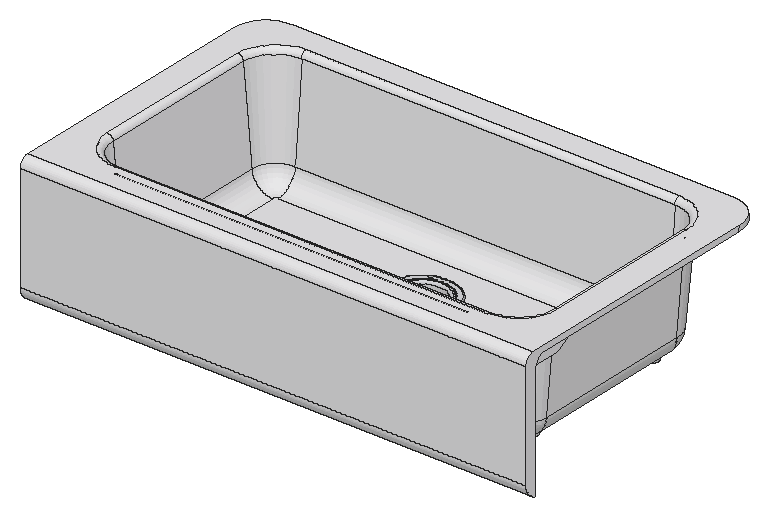
Revit family "Sink-Undermount-Kitchen-KOHLER-DICKINSON-K-6546", category Plumbing Fixtures, host Face, Revit 2017
Family settings
  Host = Face
  Round Connector Dimension = Use Diameter
  Part Type = Normal
  OmniClass Number = 23.31.13.00
  OmniClass Title = Sinks
  Cut with Voids When Loaded = No
  Shared = No
  Room Calculation Point = No
Parameters (values of type "0-White")
  Width = 33 5/256"  # constant formula
  WaterSense Certified = 1 = 0  # no
  Waste Water Outlet = "Waste Water Outlet"  # constant formula
  Waste Connection = 1 = 1  # yes
  Vent Connection = 1 = 0  # no
  URL = "https://www.us.kohler.com/us/"
  Type = 1
  Product Page URL = ""
  Product Name = "DICKINSON\r\n"  # constant formula
  Product Documentation Link = ""
  Model = if(Type = 1, "K-6546-0", if(Type = 2, "K-6546-7", if(Type = 3, "K-6546-96", "NA")))  # "K-6546-0"
  Material = "Enameled Cast Iron"  # constant formula
  Master Format 2014 Name = "Residential Lavatories and Sinks"  # constant formula
  MasterFormat 2014 = "22 41 16"  # constant formula
  Manufacturer Address = "444 Highland Dr, Kohler, WI 53044"  # constant formula
  Manufacturer = "KOHLER Co."  # constant formula
  Length = 19 145/256"  # constant formula
  Hot Water Inlet = "Hot Water Inlet"  # constant formula
  Height = 8 125/256"  # constant formula
  HW Connection = 1 = 0  # no
  Finish = KOHLER-Enameled_Cast_Iron-0-White
  Environmental Product Declaration = ""
  Drain Included = 1 = 0  # no
  Description = "Under Counter Apron Sink"  # constant formula
  Default Elevation = 36"
  Declare Label = ""
  Date Modified = "12/02/2020"  # constant formula
  Date Created = "12/02/2020"  # constant formula
  Copyright = "Copyright KOHLER Co."  # constant formula
  Contact Us = "https://www.us.kohler.com/us/static/contact.jsp"
  Cold Water Inlet = "Cold Water Inlet"  # constant formula
  CW Connection = 1 = 0  # no
  Assembly Code = "D2010400"
  ADA Compliant = 1 = 0  # no
Types (4): name | Type | Model | Finish
  (no name) | 1 | "K-6546-0" | KOHLER-Enameled_Cast_Iron-0-White
  0-White | 1 | "K-6546-0" | KOHLER-Enameled_Cast_Iron-0-White
  7-Black Black | 2 | "K-6546-7" | KOHLER-Enameled_Cast_Iron-7-Black_Black
  96-Biscuit | 3 | "K-6546-96" | KOHLER-Enameled_Cast_Iron-96-Biscuit
Reference planes (in)
  plane 1 "A": y = 0
  plane 2: z = 0
  plane 3 "Center (Left/Right)": x = 0
  plane 4: z = -1
  plane 5: z = -11.975
  plane 6: x = -16.51
  plane 7: x = 16.50953
  plane 8: y = 17.31721
  plane 9: y = -2.24919
  plane 10: z = -9.48828
  plane 11: z = -9.66142
  plane 12: y = 9.85234
  plane 13: y = 3.66699
  plane 14 "Center (Front/Back)": y = 7.53401
  plane 15: y = 13.57706
Forms (in)
  Extrusion 1, void
    sketch origin (0, 0, 0) x (1, 0, 0) y (0, 1, 0)
      loop
        arc (-14.45922, 17.31721) -> (-15.90934, 16.71655) -> (-16.51, 15.26643) r 2.05078
        line (-16.51, 15.26643) -> (-16.51, -0.51796) -> (16.51, -0.51796) -> (16.51, 15.26718)
        arc (16.51, 15.26718) -> (15.90956, 16.71677) -> (14.45997, 17.31721) r 2.05003
        line (14.45997, 17.31721) -> (-14.45922, 17.31721)
    from -11.975 to -1
  Extrusion 2, void
    sketch origin (0, 0, 0) x (1, 0, 0) y (0, 1, 0)
      loop
        arc (-13.8035, 16.05757) -> (-14.68739, 15.69145) -> (-15.0535, 14.80757) r 1.25
        line (-15.0535, 14.80757) -> (-15.0535, -0.62472)
        arc (-15.0535, -0.62472) -> (-15.56607, -1.86215) -> (-16.8035, -2.37472) r 1.75
        line (-16.8035, -2.37472) -> (-12.1815, -2.37472) -> (16.8035, -2.37472)
        arc (16.8035, -2.37472) -> (15.56607, -1.86215) -> (15.0535, -0.62472) r 1.75
        line (15.0535, -0.62472) -> (15.0535, 14.80757)
        arc (15.0535, 14.80757) -> (14.68739, 15.69145) -> (13.8035, 16.05757) r 1.25
        line (13.8035, 16.05757) -> (-13.8035, 16.05757)
    from -1 to 0
  Extrusion 3, void
    sketch origin (0, 0, 0) x (1, 0, 0) y (0, 0, 1)
      loop
        line (-16.51, -1) -> (-16.51, -9.48891) -> (16.51, -9.48891) -> (16.51, -1) -> (-16.51, -1)
    from 0 to 4.19421
Dimensions and locks (in)
  level to plane 4 = 1"
  plane 4 to plane 5 = 10.975"
  "Height": plane 4 to plane 10
  locked: plane 4 to plane 11 at 8.66142
  locked: plane 4 to plane 5 at 10.975
  equal spacing: plane 9, plane 14 "Center (Front/Back)", plane 8
  plane 9 to plane 8 = 19 145/256"
  locked: plane 8 to plane 12 at 7.46487
  locked: plane 3 "Center (Left/Right)" to plane 7 at 16.50953
  "Width": plane 6 to plane 7
  "Length": plane 8 to plane 9
  aligned and locked: host face to plane 2
  aligned and locked: level to host face
Automatic sketch dimensions
  host sketch curve to host sketch curve = 96"
  host sketch curve to host sketch curve = 50 1/4"
  plane 1 "A" to Extrusion 1 sketch curve = 0.51796"
  Extrusion 1 sketch curve to plane 3 "Center (Left/Right)" = 16.51"
  Extrusion 1 sketch curve to Extrusion 1 sketch curve = 2 13/256"
  plane 3 "Center (Left/Right)" to Extrusion 1 sketch curve = 14.45997"
  plane 3 "Center (Left/Right)" to Extrusion 1 sketch curve = 16.51"
  Extrusion 1 sketch curve to plane 1 "A" = 15.26643"
  plane 1 "A" to Extrusion 2 sketch curve = 0.62472"
  Extrusion 2 sketch curve to plane 3 "Center (Left/Right)" = 15.0535"
  Extrusion 2 sketch curve to Extrusion 2 sketch curve = 1 1/4"  (x2)
  plane 3 "Center (Left/Right)" to Extrusion 2 sketch curve = 13.8035"
  Extrusion 2 sketch curve to Extrusion 2 sketch curve = 1 3/4"
  plane 1 "A" to Extrusion 2 sketch curve = 2.37472"
  Extrusion 2 sketch curve to plane 1 "A" = 14.80757"
  Extrusion 2 sketch curve to Extrusion 2 sketch curve = 2.872"
  Extrusion 3 sketch curve to plane 3 "Center (Left/Right)" = 16.51"
  plane 3 "Center (Left/Right)" to Extrusion 3 sketch curve = 16.51"
  Extrusion 3 sketch curve to plane 4 = 0"
  plane 5 to Extrusion 3 sketch curve = 2.48609"
Nested families (in)
  nested 1: "K-6546" at (0, 9.85234, -11.975), type "K-6546"
Connectors (in)
  piping at (0, 9.85234, -11.975), diameter 1.5, driven by "Waste Connection", driven by "Waste Water Outlet"
    settings: on nested 1, index 1, connector inside diameter 24", connector length 0", flow factor 0, pipe flow 0 GPM, pressure drop 0.00 psi, fitting loss kfactor 0, connector angle 0.00°, fixture units 0, engagement length 0", angle of deflection 0.00°, flow configuration 0, flow direction 2, fitting loss method 0, system type 16, joint type 0, gender type 0, connector reference index -1, connector utility 1, adjustable connector no, is connector primary yes, connector description "Waste Water Outlet"
Definition of nested family "K-6546"
  Parameters (values of type "K-28668")
    Material = none
  Reference planes (in)
    plane 1 "Center (Front/Back)": y = 0
    plane 2: z = 0
    plane 3 "Center (Left/Right)": x = 0
    plane 4: y = 7.46487
    plane 5: x = 16.51
    plane 6: x = -16.51
    plane 7: y = -12.10206
    plane 8: z = 10.975
    plane 9: z = 2.48609
    plane 10: z = 2.31358
    plane 11: z = 10.655
    plane 12: y = -11.37841
    plane 13 "A": x = -12.1815
    plane 14: y = -2.31859
    plane 15: y = 3.72472
    plane 16: y = -6.18535
    plane 17: x = 12.1815
  Forms (in)
    Sweep 1, solid, material <- "Material", detail levels medium+fine
      path origin (0, 0, 0) x (1, 0, 0) y (0, 1, 0)
        loop
          line (14.34465, 7.46487) -> (-14.34465, 7.46487)
          arc (-14.34465, 7.46487) -> (-15.87578, 6.83066) -> (-16.51, 5.29952) r 2.16535
          line (-16.51, 5.29952) -> (-16.51, -11.5115) -> (16.51, -11.5115) -> (16.51, 5.29952)
          arc (16.51, 5.29952) -> (15.87578, 6.83066) -> (14.34465, 7.46487) r 2.16535
      profile origin (0, 7.46487, 0) x (0, -1, 0) y (0, 0, 1)
        loop
          line (1.03827, 10.975) -> (0, 10.975) -> (0, 10.655) -> (1.03827, 10.655) -> (1.03827, 10.975)
    Sweep 2, solid, material <- "Material", detail levels medium+fine
      path origin (0, 0, 0) x (1, 0, 0) y (0, 1, 0)
        loop
          line (16.51, -11.5115) -> (-16.51, -11.5115)
      profile origin (0, -11.5115, 0) x (0, -1, 0) y (0, 0, 1)
        loop
          line (0, 10.975) -> (-1.1072, 10.975) -> (-1.1072, 10.655) -> (-0.9205, 10.655)
          arc (-0.9205, 10.655) -> (-0.36372, 10.42438) -> (-0.13309, 9.8676) r 0.7874
          line (-0.13309, 9.8676) -> (-0.13309, 2.48609)
          arc (-0.13309, 2.48609) -> (0.38887, 2.83602) -> (0.59055, 3.43118) r 0.97897
          line (0.59055, 3.43118) -> (0.59055, 10.38445)
          arc (0.59055, 10.38445) -> (0.41758, 10.80203) -> (0, 10.975) r 0.59055
    Sweep 3, solid, material <- "Material", detail levels medium+fine
      path origin (0, 0, 0) x (1, 0, 0) y (0, 1, 0)
        loop
          arc (-12.18433, 6.13133) -> (-14.16089, 5.31261) -> (-14.9796, 3.33605) r 2.79528
          line (-14.9796, 3.33605) -> (-14.9796, -7.28426)
          arc (-14.9796, -7.28426) -> (-14.16089, -9.26082) -> (-12.18433, -10.07953) r 2.79528
          line (-12.18433, -10.07953) -> (12.18433, -10.07953)
          arc (12.18433, -10.07953) -> (14.16089, -9.26082) -> (14.9796, -7.28426) r 2.79528
          line (14.9796, -7.28426) -> (14.9796, 3.33605)
          arc (14.9796, 3.33605) -> (14.16089, 5.31261) -> (12.18433, 6.13133) r 2.79528
          line (12.18433, 6.13133) -> (-12.18433, 6.13133)
      profile origin (0, 6.13133, 0) x (0, 1, 0) y (0, 0, 1)
        loop
          arc (-0.43251, 10.29417) -> (-0.30629, 10.55013) -> (-0.04031, 10.65356) r 0.3937
          line (-0.04031, 10.65356) -> (0.0739, 10.65356) -> (0.0739, 10.975) -> (-0.28883, 10.975)
          arc (-0.28883, 10.975) -> (-0.55481, 10.87157) -> (-0.68103, 10.61561) r 0.3937
          line (-0.68103, 10.61561) -> (-1.21196, 4.54707)
          arc (-1.21196, 4.54707) -> (-1.65374, 3.65123) -> (-2.58467, 3.28921) r 1.37795
          line (-2.58467, 3.28921) -> (-2.64579, 3.28921) -> (-2.64579, 3.01362) -> (-2.50271, 3.01362)
          arc (-2.50271, 3.01362) -> (-1.44602, 3.42455) -> (-0.94456, 4.44141) r 1.56411
          line (-0.94456, 4.44141) -> (-0.43251, 10.29417)
    Extrusion 4, solid, material <- "Material", detail levels medium+fine
      sketch origin (0, 0, 0) x (1, 0, 0) y (0, 1, 0)
        loop
          arc (-14.34465, 6.4266) -> (-15.14161, 6.09649) -> (-15.47173, 5.29952) r 1.12708
          line (-15.47173, 5.29952) -> (-15.47173, -10.4043) -> (15.47173, -10.4043) -> (15.47173, 5.29952)
          arc (15.47173, 5.29952) -> (15.14161, 6.09649) -> (14.34465, 6.4266) r 1.12708
          line (14.34465, 6.4266) -> (-14.34465, 6.4266)
        loop
          arc (-12.18433, 6.20523) -> (-14.21314, 5.36486) -> (-15.0535, 3.33605) r 2.86917
          line (-15.0535, 3.33605) -> (-15.0535, -7.28426)
          arc (-15.0535, -7.28426) -> (-14.21314, -9.31307) -> (-12.18433, -10.15343) r 2.86917
          line (-12.18433, -10.15343) -> (12.18433, -10.15343)
          arc (12.18433, -10.15343) -> (14.21314, -9.31307) -> (15.0535, -7.28426) r 2.86917
          line (15.0535, -7.28426) -> (15.0535, 3.33605)
          arc (15.0535, 3.33605) -> (14.21314, 5.36486) -> (12.18433, 6.20523) r 2.86917
          line (12.18433, 6.20523) -> (-12.18433, 6.20523)
      from 10.65356 to 10.975
    Extrusion 5, solid, material <- "Material", detail levels medium+fine
      sketch origin (0, 0, 0) x (1, 0, 0) y (0, 1, 0)
        loop
          line (-12.33381, 3.33605) -> (-12.33381, -7.28426)
          arc (-12.33381, -7.28426) -> (-12.29003, -7.38996) -> (-12.18433, -7.43374) r 0.14948
          line (-12.18433, -7.43374) -> (12.18433, -7.43374)
          arc (12.18433, -7.43374) -> (12.29003, -7.38996) -> (12.33381, -7.28426) r 0.14948
          line (12.33381, -7.28426) -> (12.33381, 3.33605)
          arc (12.33381, 3.33605) -> (12.29003, 3.44175) -> (12.18433, 3.48554) r 0.14948
          line (12.18433, 3.48554) -> (-12.18433, 3.48554)
          arc (-12.18433, 3.48554) -> (-12.29003, 3.44175) -> (-12.33381, 3.33605) r 0.14948
      from 3.01362 to 3.28921
    Revolve 6, solid, detail levels medium+fine
      sketch origin (6.49606, 0, 11.32505) x (1, 0, 0) y (0, 0, 1)
        loop
          line (-6.75154, -7.83764) -> (-6.64112, -7.83764) -> (-6.64112, -8.58264) -> (-6.73776, -8.58264)
          arc (-6.73776, -8.58264) -> (-6.76562, -8.59418) -> (-6.77716, -8.62204) r 0.0394
          line (-6.77716, -8.62204) -> (-6.77716, -8.77264) -> (-7.89233, -8.77264)
          arc (-7.89233, -8.77264) -> (-7.95797, -8.74645) -> (-7.98756, -8.68227) r 0.09536
          line (-7.98756, -8.68227) -> (-8.0194, -8.07479)
          arc (-8.0194, -8.07479) -> (-8.06782, -7.96975) -> (-8.17526, -7.92689) r 0.15608
          line (-8.17526, -7.92689) -> (-8.24756, -7.92689) -> (-8.24756, -7.95764) -> (-8.17416, -7.95764)
          arc (-8.17416, -7.95764) -> (-8.08811, -7.99197) -> (-8.04933, -8.0761) r 0.12501
          line (-8.04933, -8.0761) -> (-8.01744, -8.68458)
          arc (-8.01744, -8.68458) -> (-7.97879, -8.76842) -> (-7.89303, -8.80264) r 0.12458
          line (-7.89303, -8.80264) -> (-6.49606, -8.80264) -> (-6.49606, -7.68982)
          arc (-6.49606, -7.68982) -> (-6.63339, -7.70011) -> (-6.76765, -7.73076) r 0.9218
          arc (-6.76765, -7.73076) -> (-6.80558, -7.79113) -> (-6.75154, -7.83764) r 0.05465
        axis (-6.49606, -7.68982) -> (-6.49606, -8.80264)
      angle from 0 to 360
    Revolve 7, solid, detail levels medium+fine
      sketch origin (6.49606, 0, 11.32505) x (1, 0, 0) y (0, 0, 1)
        loop
          line (-8.30137, -7.92689) -> (-8.6514, -7.92689)
          arc (-8.6514, -7.92689) -> (-8.69478, -7.96952) -> (-8.65291, -8.01364) r 0.04339
          line (-8.65291, -8.01364) -> (-8.14732, -8.0313)
          arc (-8.14732, -8.0313) -> (-8.11457, -8.04588) -> (-8.10114, -8.07912) r 0.04785
          line (-8.10114, -8.07912) -> (-8.10114, -9.02785)
          arc (-8.10114, -9.02785) -> (-8.06101, -9.12474) -> (-7.96412, -9.16487) r 0.13702
          line (-7.96412, -9.16487) -> (-6.49606, -9.16487) -> (-6.49606, -9.1322) -> (-7.9139, -9.1322)
          arc (-7.9139, -9.1322) -> (-8.03838, -9.08063) -> (-8.08994, -8.95615) r 0.17604
          line (-8.08994, -8.95615) -> (-8.08994, -8.07829)
          arc (-8.08994, -8.07829) -> (-8.12528, -7.99297) -> (-8.2106, -7.95764) r 0.12065
          line (-8.2106, -7.95764) -> (-8.24756, -7.95764) -> (-8.27203, -7.93743)
          arc (-8.27203, -7.93743) -> (-8.28578, -7.9296) -> (-8.30137, -7.92689) r 0.04609
        axis (-6.49606, -9.16487) -> (-6.49606, -7.92689)
      angle from 0 to 360
    Extrusion 8, void
      sketch origin (6.49606, 0, 11.32505) x (1, 0, 0) y (0, 1, 0)
        loop
          circle (-6.49646, 1.28095) r 0.09449
        loop
          circle (-6.2083, 1.2482) r 0.09449
        loop
          circle (-5.93489, 1.15148) r 0.09449
        loop
          circle (-5.69025, 0.99573) r 0.09449
        loop
          circle (-5.48691, 0.78894) r 0.09449
        loop
          circle (-5.3353, 0.54171) r 0.09449
        loop
          circle (-5.24319, 0.26671) r 0.09449
        loop
          circle (-5.21531, -0.02196) r 0.09449
        loop
          circle (-5.25307, -0.3095) r 0.09449
        loop
          circle (-5.35455, -0.58118) r 0.09449
        loop
          circle (-5.51455, -0.82307) r 0.09449
        loop
          circle (-5.72485, -1.02277) r 0.09449
        loop
          circle (-5.97469, -1.17004) r 0.09449
        loop
          circle (-6.25126, -1.25733) r 0.09449
        loop
          circle (-6.54037, -1.28018) r 0.09449
        loop
          circle (-6.82721, -1.2374) r 0.09449
        loop
          circle (-7.05723, 1.15148) r 0.09449
        loop
          circle (-7.30188, 0.99573) r 0.09449
        loop
          circle (-7.50522, 0.78894) r 0.09449
        loop
          circle (-7.65683, 0.54171) r 0.09449
        loop
          circle (-7.74893, 0.26671) r 0.09449
        loop
          circle (-7.77682, -0.02196) r 0.09449
        loop
          circle (-7.73906, -0.3095) r 0.09449
        loop
          circle (-7.63757, -0.58118) r 0.09449
        loop
          circle (-7.47758, -0.82307) r 0.09449
        loop
          circle (-7.26727, -1.02277) r 0.09449
        loop
          circle (-7.01743, -1.17004) r 0.09449
        loop
          circle (-6.78382, 1.2482) r 0.09449
        loop
          circle (-6.49646, 0.95364) r 0.09449
        loop
          circle (-6.20175, 0.90709) r 0.09449
        loop
          circle (-5.93585, 0.77174) r 0.09449
        loop
          circle (-5.72479, 0.56086) r 0.09449
        loop
          circle (-5.58922, 0.29507) r 0.09449
        loop
          circle (-5.54243, 0.0004) r 0.09449
        loop
          circle (-5.58898, -0.29431) r 0.09449
        loop
          circle (-5.72432, -0.56021) r 0.09449
        loop
          circle (-6.79037, 0.90709) r 0.09449
        loop
          circle (-7.05627, 0.77174) r 0.09449
        loop
          circle (-7.26734, 0.56086) r 0.09449
        loop
          circle (-7.4029, 0.29507) r 0.09449
        loop
          circle (-7.4497, 0.0004) r 0.09449
        loop
          circle (-7.40315, -0.29431) r 0.09449
        loop
          circle (-7.26781, -0.56021) r 0.09449
        loop
          circle (-5.93521, -0.77127) r 0.09449
        loop
          circle (-6.20099, -0.90684) r 0.09449
        loop
          circle (-6.49566, -0.95364) r 0.09449
        loop
          circle (-6.79037, -0.90709) r 0.09449
        loop
          circle (-7.05627, -0.77174) r 0.09449
        loop
          circle (-6.49646, 0.62574) r 0.09449
        loop
          circle (-6.18354, 0.5421) r 0.09449
        loop
          circle (-5.95436, 0.31321) r 0.09449
        loop
          circle (-5.87032, 0.0004) r 0.09449
        loop
          circle (-5.95396, -0.31252) r 0.09449
        loop
          circle (-6.18285, -0.54171) r 0.09449
        loop
          circle (-6.49566, -0.62574) r 0.09449
        loop
          circle (-6.80859, -0.5421) r 0.09449
        loop
          circle (-6.80859, 0.5421) r 0.09449
        loop
          circle (-7.03777, 0.31321) r 0.09449
        loop
          circle (-7.1218, 0.0004) r 0.09449
        loop
          circle (-7.03817, -0.31252) r 0.09449
      from -9.15064 to -8.29764
    Revolve 9, void
      sketch origin (0, 0, 0) x (0, 1, 0) y (0, 0, 1)
        loop
          line (0, 3.28921) -> (0, 2.38883) -> (1.89469, 2.38883) -> (1.89469, 2.94497)
          arc (1.89469, 2.94497) -> (1.99551, 3.18839) -> (2.23893, 3.28921) r 0.34424
          line (2.23893, 3.28921) -> (0, 3.28921)
        axis (0, 3.28921) -> (0, 2.38883)
      angle from 0 to 360
    Revolve 10, solid, material <- "Material", detail levels medium+fine
      sketch origin (6.49606, 0, 10.52622) x (1, 0, 0) y (0, 0, 1)
        loop
          line (-7.30608, -10.52622) -> (-6.77395, -10.52622) -> (-6.77395, -10.4549) -> (-7.29845, -10.4549) -> (-7.35475, -10.39859) -> (-7.35475, -9.84351)
          arc (-7.35475, -9.84351) -> (-7.43601, -9.5838) -> (-7.6508, -9.41671) r 0.45568
          arc (-7.6508, -9.41671) -> (-7.82297, -9.353) -> (-7.99558, -9.29048) r 26.42678
          arc (-7.99558, -9.29048) -> (-8.0268, -9.27225) -> (-8.04932, -9.24398) r 0.09845
          line (-8.04932, -9.24398) -> (-8.09032, -9.16678)
          arc (-8.09032, -9.16678) -> (-8.09789, -9.14705) -> (-8.10046, -9.12607) r 0.08681
          line (-8.10046, -9.12607) -> (-8.10046, -8.20354)
          arc (-8.10046, -8.20354) -> (-8.1098, -8.14512) -> (-8.13688, -8.09252) r 0.18743
          arc (-8.13688, -8.09252) -> (-8.17208, -8.06271) -> (-8.21694, -8.05201) r 0.09937
          line (-8.21694, -8.05201) -> (-8.34655, -8.05201)
          arc (-8.34655, -8.05201) -> (-8.44011, -8.0486) -> (-8.53318, -8.03839) r 1.28622
          line (-8.53318, -8.03839) -> (-8.63756, -8.02309)
          arc (-8.63756, -8.02309) -> (-8.66319, -8.01312) -> (-8.68191, -7.99298) r 0.06152
          line (-8.68191, -7.99298) -> (-8.95926, -7.5126) -> (-9.05018, -7.5126) -> (-8.72924, -8.06848)
          arc (-8.72924, -8.06848) -> (-8.71278, -8.08618) -> (-8.69026, -8.09494) r 0.05406
          line (-8.69026, -8.09494) -> (-8.53508, -8.1177)
          arc (-8.53508, -8.1177) -> (-8.44587, -8.12748) -> (-8.35618, -8.13075) r 1.23299
          line (-8.35618, -8.13075) -> (-8.22543, -8.13075)
          arc (-8.22543, -8.13075) -> (-8.20729, -8.13559) -> (-8.19397, -8.14883) r 0.03641
          arc (-8.19397, -8.14883) -> (-8.18296, -8.1752) -> (-8.1792, -8.20354) r 0.10869
          line (-8.1792, -8.20354) -> (-8.1792, -9.18779) -> (-8.14903, -9.22171)
          arc (-8.14903, -9.22171) -> (-8.1403, -9.23538) -> (-8.13625, -9.2511) r 0.0515
          arc (-8.13625, -9.2511) -> (-8.11174, -9.31288) -> (-8.05788, -9.35183) r 0.11879
          arc (-8.05788, -9.35183) -> (-7.86787, -9.42042) -> (-7.67839, -9.49046) r 26.34804
          arc (-7.67839, -9.49046) -> (-7.50071, -9.62868) -> (-7.43349, -9.84351) r 0.37694
          line (-7.43349, -9.84351) -> (-7.43349, -10.39881)
          arc (-7.43349, -10.39881) -> (-7.39617, -10.48891) -> (-7.30608, -10.52622) r 0.12741
        axis (-6.49606, -7.5126) -> (-6.49606, -10.52622)
      angle from 0 to 360
    Revolve 11, solid, material <- "Material", detail levels medium+fine
      sketch origin (-12.1815, -0.19685, 0) x (0, -1, 0) y (0, 0, 1)
        loop
          line (-3.92157, 2.31358) -> (-3.92157, 3.25883) -> (-4.49862, 3.25883) -> (-4.2582, 2.36159)
          arc (-4.2582, 2.36159) -> (-4.23507, 2.32697) -> (-4.19563, 2.31358) r 0.06477
          line (-4.19563, 2.31358) -> (-3.92157, 2.31358)
        axis (-3.92157, 3.25883) -> (-3.92157, 2.31358)
      angle from 0 to 360
    Revolve 12, solid, material <- "Material", detail levels medium+fine
      sketch origin (12.1815, -0.19685, 0) x (0, -1, 0) y (0, 0, 1)
        loop
          line (-3.92157, 2.31358) -> (-3.92157, 3.25883) -> (-4.49862, 3.25883) -> (-4.2582, 2.36159)
          arc (-4.2582, 2.36159) -> (-4.23507, 2.32697) -> (-4.19563, 2.31358) r 0.06477
          line (-4.19563, 2.31358) -> (-3.92157, 2.31358)
        axis (-3.92157, 3.25883) -> (-3.92157, 2.31358)
      angle from 0 to 360
    Revolve 13, solid, material <- "Material", detail levels medium+fine
      sketch origin (-12.1815, -10.10691, 0) x (0, -1, 0) y (0, 0, 1)
        loop
          line (-3.92157, 2.31358) -> (-3.92157, 3.25883) -> (-4.49862, 3.25883) -> (-4.2582, 2.36159)
          arc (-4.2582, 2.36159) -> (-4.23507, 2.32697) -> (-4.19563, 2.31358) r 0.06477
          line (-4.19563, 2.31358) -> (-3.92157, 2.31358)
        axis (-3.92157, 3.25883) -> (-3.92157, 2.31358)
      angle from 0 to 360
    Revolve 14, solid, material <- "Material", detail levels medium+fine
      sketch origin (12.1815, -10.10691, 0) x (0, -1, 0) y (0, 0, 1)
        loop
          line (-3.92157, 2.31358) -> (-3.92157, 3.25883) -> (-4.49862, 3.25883) -> (-4.2582, 2.36159)
          arc (-4.2582, 2.36159) -> (-4.23507, 2.32697) -> (-4.19563, 2.31358) r 0.06477
          line (-4.19563, 2.31358) -> (-3.92157, 2.31358)
        axis (-3.92157, 3.25883) -> (-3.92157, 2.31358)
      angle from 0 to 360
    Extrusion 15, solid, material <- "Material", detail levels medium+fine
      sketch origin (0, 0, 0) x (0, 1, 0) y (0, 0, 1)
        loop
          line (-8.23237, 9.33774) -> (-5.89944, 10.68466) -> (-10.48208, 10.68466)
          arc (-10.48208, 10.68466) -> (-11.17805, 10.39638) -> (-11.46633, 9.70041) r 0.98425
          line (-11.46633, 9.70041) -> (-11.46633, 3.22156)
          arc (-11.46633, 3.22156) -> (-11.10927, 3.57637) -> (-10.95601, 4.05584) r 1.06064
          line (-10.95601, 4.05584) -> (-10.6231, 8.81659)
          arc (-10.6231, 8.81659) -> (-10.4676, 9.14262) -> (-10.13152, 9.275) r 0.49278
          line (-10.13152, 9.275) -> (-8.46653, 9.275)
          arc (-8.46653, 9.275) -> (-8.34532, 9.29096) -> (-8.23237, 9.33774) r 0.46831
      from -15.56029 to -15.19504
    Extrusion 16, solid, material <- "Material", detail levels medium+fine
      sketch origin (0, 0, 0) x (0, 1, 0) y (0, 0, 1)
        loop
          line (-11.37841, 7.195) -> (-8.83864, 7.195) -> (-9.14135, 10.655) -> (-10.59101, 10.655)
          arc (-10.59101, 10.655) -> (-11.14779, 10.42438) -> (-11.37841, 9.8676) r 0.7874
          line (-11.37841, 9.8676) -> (-11.37841, 7.195)
      from -13.49952 to -13.26383
    Extrusion 17, solid, material <- "Material", detail levels medium+fine
      sketch origin (7.9735, 0, 0) x (0, 1, 0) y (0, 0, 1)
        loop
          line (-11.37841, 7.195) -> (-9.29407, 7.195) -> (-9.59678, 10.655) -> (-10.59101, 10.655)
          arc (-10.59101, 10.655) -> (-11.14779, 10.42438) -> (-11.37841, 9.8676) r 0.7874
          line (-11.37841, 9.8676) -> (-11.37841, 7.195)
      from -13.54111 to -13.15391
    Extrusion 18, solid, material <- "Material", detail levels medium+fine
      sketch origin (13.38396, 0, 0) x (0, 1, 0) y (0, 0, 1)
        loop
          line (-11.37841, 7.195) -> (-9.29407, 7.195) -> (-9.59678, 10.655) -> (-10.59101, 10.655)
          arc (-10.59101, 10.655) -> (-11.14779, 10.42438) -> (-11.37841, 9.8676) r 0.7874
          line (-11.37841, 9.8676) -> (-11.37841, 7.195)
      from -13.54111 to -13.22243
    Extrusion 19, solid, material <- "Material", detail levels medium+fine
      sketch origin (18.75079, 0, 0) x (0, 1, 0) y (0, 0, 1)
        loop
          line (-11.37841, 7.195) -> (-9.29407, 7.195) -> (-9.59678, 10.655) -> (-10.59101, 10.655)
          arc (-10.59101, 10.655) -> (-11.14779, 10.42438) -> (-11.37841, 9.8676) r 0.7874
          line (-11.37841, 9.8676) -> (-11.37841, 7.195)
      from -13.54111 to -13.22243
    Extrusion 20, solid, material <- "Material", detail levels medium+fine
      sketch origin (26.62847, 0, 0) x (0, 1, 0) y (0, 0, 1)
        loop
          line (-11.37841, 7.195) -> (-8.9731, 7.195) -> (-9.27581, 10.655) -> (-10.59101, 10.655)
          arc (-10.59101, 10.655) -> (-11.14779, 10.42438) -> (-11.37841, 9.8676) r 0.7874
          line (-11.37841, 9.8676) -> (-11.37841, 7.195)
      from -13.54111 to -13.22243
    Extrusion 21, solid, material <- "Material", detail levels medium+fine
      sketch origin (0, 0, 0) x (0, 1, 0) y (0, 0, -1)
        loop
          arc (-8.23237, -9.33774) -> (-8.34532, -9.29096) -> (-8.46653, -9.275) r 0.46831
          line (-8.46653, -9.275) -> (-10.13152, -9.275)
          arc (-10.13152, -9.275) -> (-10.4676, -9.14262) -> (-10.6231, -8.81659) r 0.49278
          line (-10.6231, -8.81659) -> (-10.95601, -4.05584)
          arc (-10.95601, -4.05584) -> (-11.08275, -3.62227) -> (-11.37841, -3.28076) r 1.06064
          line (-11.37841, -3.28076) -> (-11.37841, -9.67075)
          arc (-11.37841, -9.67075) -> (-11.09013, -10.36672) -> (-10.39416, -10.655) r 0.98425
          line (-10.39416, -10.655) -> (-5.95082, -10.655) -> (-8.23237, -9.33774)
      from -15.56029 to -15.19504
    Extrusion 22, solid, material <- "Material", detail levels coarse
      sketch origin (0, 0, 0) x (1, 0, 0) y (0, 1, 0)
        loop
          line (16.51, -12.10206) -> (16.51, 7.46487) -> (-16.51, 7.46487) -> (-16.51, -12.10206) -> (16.51, -12.10206)
        loop
          line (-15.0535, 6.20523) -> (-15.0535, -10.15343) -> (15.0535, -10.15343) -> (15.0535, 6.20523) -> (-15.0535, 6.20523)
      from 10.655 to 10.975
    Extrusion 23, solid, material <- "Material", detail levels coarse
      sketch origin (0, 0, 0) x (0, 1, 0) y (0, 0, 1)
        loop
          line (-12.10206, 10.975) -> (-12.10206, 2.48609) -> (-11.37841, 2.48609) -> (-11.37841, 10.975) -> (-12.10206, 10.975)
      from -16.51 to 16.51
    Extrusion 24, solid, material <- "Material", detail levels coarse
      sketch origin (0, 0, 0) x (1, 0, 0) y (0, 1, 0)
        loop
          line (15.0535, -10.15343) -> (15.0535, 6.20523) -> (-15.0535, 6.20523) -> (-15.0535, -10.15343) -> (15.0535, -10.15343)
        loop
          line (15.25035, 6.40208) -> (-15.25035, 6.40208) -> (-15.25035, -10.35028) -> (15.25035, -10.35028) -> (15.25035, 6.40208)
      from 3.01362 to 10.655
    Extrusion 25, solid, material <- "Material", detail levels coarse
      sketch origin (0, 0, 0) x (1, 0, 0) y (0, 1, 0)
        loop
          line (15.0535, -10.15343) -> (15.0535, 6.20523) -> (-15.0535, 6.20523) -> (-15.0535, -10.15343) -> (15.0535, -10.15343)
      from 3.01362 to 3.18199
    Revolve 26, solid, material <- "Material", detail levels coarse
      sketch origin (6.49606, 0, 10.52622) x (1, 0, 0) y (0, 0, 1)
        loop
          line (-6.49606, -10.53364) -> (-6.49606, -7.5126) -> (-9.05018, -7.5126) -> (-9.05018, -10.53364) -> (-6.49606, -10.53364)
        axis (-6.49606, -7.5126) -> (-6.49606, -10.53364)
      angle from 0 to 360
  Cuts and joins
    Extrusion 8 cuts Revolve 6
    Extrusion 8 cuts Revolve 7
    joined: Extrusion 16, Extrusion 17, Extrusion 18, Extrusion 19, Extrusion 20, Extrusion 21
    Revolve 9 cuts Extrusion 5
    joined: Sweep 1, Sweep 2, Sweep 3, Extrusion 4, Extrusion 5, Revolve 10, Revolve 11, Revolve 12, Revolve 13, Revolve 14, Extrusion 15
    joined: Extrusion 22, Extrusion 23, Extrusion 24, Extrusion 25, Revolve 26
  Lines and regions (in)
    Masking region 1
      outline origin (0, 0, 0) x (1, 0, 0) y (0, 1, 0)
        loop
          line (14.34465, 7.46487) -> (-14.34465, 7.46487)
          arc (-14.34465, 7.46487) -> (-15.87578, 6.83066) -> (-16.51, 5.29952) r 2.16535
          line (-16.51, 5.29952) -> (-16.51, -11.5115)
          arc (-16.51, -11.5115) -> (-16.33703, -11.92909) -> (-15.91945, -12.10206) r 0.59055
          line (-15.91945, -12.10206) -> (15.91945, -12.10206)
          arc (15.91945, -12.10206) -> (16.33703, -11.92909) -> (16.51, -11.5115) r 0.59055
          line (16.51, -11.5115) -> (16.51, 5.29952)
          arc (16.51, 5.29952) -> (15.87578, 6.83066) -> (14.34465, 7.46487) r 2.16535
    Masking region 2
      outline origin (0, 0, 0) x (1, 0, 0) y (0, 0, 1)
        loop
          line (-16.51, 10.975) -> (-16.51, 2.48609) -> (-12.55134, 2.48609) -> (-12.51769, 2.35948)
          arc (-12.51769, 2.35948) -> (-12.49564, 2.32638) -> (-12.45799, 2.31358) r 0.06176
          line (-12.45799, 2.31358) -> (-11.90501, 2.31358)
          arc (-11.90501, 2.31358) -> (-11.86736, 2.32638) -> (-11.84532, 2.35948) r 0.06176
          line (-11.84532, 2.35948) -> (-11.81167, 2.48609) -> (-2.24963, 2.48609) -> (-2.23332, 2.45783)
          arc (-2.23332, 2.45783) -> (-2.2163, 2.43955) -> (-2.193, 2.43056) r 0.05565
          line (-2.193, 2.43056) -> (-1.94499, 2.39513) -> (-1.72108, 2.39513)
          arc (-1.72108, 2.39513) -> (-1.69332, 2.36784) -> (-1.68314, 2.33027) r 0.07442
          line (-1.68314, 2.33027) -> (-1.68314, 1.33844) -> (-1.65401, 1.30492)
          arc (-1.65401, 1.30492) -> (-1.64509, 1.29083) -> (-1.64078, 1.27472) r 0.05527
          arc (-1.64078, 1.27472) -> (-1.61586, 1.21367) -> (-1.56247, 1.17499) r 0.12012
          line (-1.56247, 1.17499) -> (-1.18868, 1.03894)
          arc (-1.18868, 1.03894) -> (-1.00572, 0.89855) -> (-0.93637, 0.67861) r 0.38346
          line (-0.93637, 0.67861) -> (-0.93637, 0.119)
          arc (-0.93637, 0.119) -> (-0.90152, 0.03485) -> (-0.81737, 0) r 0.119
          line (-0.81737, 0) -> (0, 0) -> (0.81737, 0)
          arc (0.81737, 0) -> (0.90152, 0.03485) -> (0.93637, 0.119) r 0.119
          line (0.93637, 0.119) -> (0.93637, 0.67861)
          arc (0.93637, 0.67861) -> (1.00572, 0.89855) -> (1.18868, 1.03894) r 0.38346
          line (1.18868, 1.03894) -> (1.56247, 1.17499)
          arc (1.56247, 1.17499) -> (1.61586, 1.21367) -> (1.64078, 1.27472) r 0.12012
          arc (1.64078, 1.27472) -> (1.64509, 1.29083) -> (1.65401, 1.30492) r 0.05527
          line (1.65401, 1.30492) -> (1.68314, 1.33844) -> (1.68314, 2.33027)
          arc (1.68314, 2.33027) -> (1.69332, 2.36784) -> (1.72108, 2.39513) r 0.07442
          line (1.72108, 2.39513) -> (1.94499, 2.39513) -> (2.193, 2.43056)
          arc (2.193, 2.43056) -> (2.2163, 2.43955) -> (2.23332, 2.45783) r 0.05565
          line (2.23332, 2.45783) -> (2.24963, 2.48609) -> (11.81167, 2.48609) -> (11.84532, 2.35948)
          arc (11.84532, 2.35948) -> (11.86736, 2.32638) -> (11.90501, 2.31358) r 0.06176
          line (11.90501, 2.31358) -> (12.45799, 2.31358)
          arc (12.45799, 2.31358) -> (12.49564, 2.32638) -> (12.51769, 2.35948) r 0.06176
          line (12.51769, 2.35948) -> (12.55134, 2.48609) -> (16.51, 2.48609) -> (16.51, 10.975) -> (-16.51, 10.975)
    Masking region 3
      outline origin (0, 0, 0) x (0, 1, 0) y (0, 0, 1)
        loop
          line (7.46487, 10.975) -> (-11.51151, 10.975)
          arc (-11.51151, 10.975) -> (-11.92867, 10.80245) -> (-12.10206, 10.38564) r 0.59055
          line (-12.10206, 10.38564) -> (-12.10206, 3.43271)
          arc (-12.10206, 3.43271) -> (-11.90084, 2.83663) -> (-11.37841, 2.48609) r 0.97897
          line (-11.37841, 2.48609) -> (-11.37841, 3.28076)
          arc (-11.37841, 3.28076) -> (-11.08275, 3.62227) -> (-10.95601, 4.05584) r 1.06064
          line (-10.95601, 4.05584) -> (-10.73649, 7.195) -> (-9.37519, 7.195) -> (-9.13514, 4.45117)
          arc (-9.13514, 4.45117) -> (-8.63025, 3.42736) -> (-7.56633, 3.01362) r 1.5748
          line (-7.56633, 3.01362) -> (-6.69669, 3.01362) -> (-6.5229, 2.36504)
          arc (-6.5229, 2.36504) -> (-6.4981, 2.32793) -> (-6.45584, 2.31358) r 0.06942
          line (-6.45584, 2.31358) -> (-6.18535, 2.31358) -> (-5.91485, 2.31358)
          arc (-5.91485, 2.31358) -> (-5.87259, 2.32793) -> (-5.8478, 2.36504) r 0.06942
          line (-5.8478, 2.36504) -> (-5.67401, 3.01362) -> (-2.55411, 3.01362) -> (-2.23174, 2.45525)
          arc (-2.23174, 2.45525) -> (-2.2171, 2.43956) -> (-2.19707, 2.43187) r 0.0477
          line (-2.19707, 2.43187) -> (-1.94304, 2.39617) -> (-1.71996, 2.39617)
          arc (-1.71996, 2.39617) -> (-1.69276, 2.35879) -> (-1.68314, 2.31358) r 0.11102
          line (-1.68314, 2.31358) -> (-1.68314, 1.33844) -> (-1.65537, 1.30705)
          arc (-1.65537, 1.30705) -> (-1.64617, 1.29286) -> (-1.64154, 1.27658) r 0.05691
          arc (-1.64154, 1.27658) -> (-1.61465, 1.21317) -> (-1.5587, 1.17301) r 0.12748
          line (-1.5587, 1.17301) -> (-1.1827, 1.03616)
          arc (-1.1827, 1.03616) -> (-1.00466, 0.89954) -> (-0.93718, 0.68551) r 0.37315
          line (-0.93718, 0.68551) -> (-0.93718, 0.11013)
          arc (-0.93718, 0.11013) -> (-0.90492, 0.03226) -> (-0.82705, 0) r 0.11013
          line (-0.82705, 0) -> (0, 0) -> (0.82705, 0)
          arc (0.82705, 0) -> (0.90492, 0.03226) -> (0.93718, 0.11013) r 0.11013
          line (0.93718, 0.11013) -> (0.93718, 0.68551)
          arc (0.93718, 0.68551) -> (1.00466, 0.89954) -> (1.1827, 1.03616) r 0.37315
          line (1.1827, 1.03616) -> (1.5587, 1.17301)
          arc (1.5587, 1.17301) -> (1.61465, 1.21317) -> (1.64154, 1.27658) r 0.12748
          arc (1.64154, 1.27658) -> (1.64617, 1.29286) -> (1.65537, 1.30705) r 0.05691
          line (1.65537, 1.30705) -> (1.68314, 1.33844) -> (1.68314, 2.31358)
          arc (1.68314, 2.31358) -> (1.69276, 2.35879) -> (1.71996, 2.39617) r 0.11102
          line (1.71996, 2.39617) -> (1.94304, 2.39617) -> (2.19707, 2.43187)
          arc (2.19707, 2.43187) -> (2.2171, 2.43956) -> (2.23174, 2.45525) r 0.0477
          line (2.23174, 2.45525) -> (2.55411, 3.01362) -> (3.21338, 3.01362) -> (3.38717, 2.36504)
          arc (3.38717, 2.36504) -> (3.41196, 2.32793) -> (3.45422, 2.31358) r 0.06942
          line (3.45422, 2.31358) -> (3.72472, 2.31358) -> (3.99521, 2.31358)
          arc (3.99521, 2.31358) -> (4.03747, 2.32793) -> (4.06227, 2.36504) r 0.06942
          line (4.06227, 2.36504) -> (4.27445, 3.15691)
          arc (4.27445, 3.15691) -> (4.90521, 3.681) -> (5.18694, 4.45117) r 1.5748
          line (5.18694, 4.45117) -> (5.69826, 10.29561)
          arc (5.69826, 10.29561) -> (5.82448, 10.55157) -> (6.09046, 10.655) r 0.3937
          line (6.09046, 10.655) -> (7.46487, 10.655) -> (7.46487, 10.975)
    symbolic lines, detail levels medium+fine
      curve 1: line (-15.77346, -11.37848, 0) -> (15.77346, -11.37848, 0)
      curve 2: arc (15.77346, -11.37848, 0) -> (16.24511, -11.21301, 0) -> (16.51, -10.78914, 0) r 0.75492
      curve 3: arc (-15.77346, -11.37848, 0) -> (-16.24511, -11.21301, 0) -> (-16.51, -10.78914, 0) r 0.75492
      curve 12: arc (-14.46295, 5.02412, 0) -> (-14.28998, 5.44171, 0) -> (-13.8724, 5.61468, 0) r 0.59055
      curve 13: line (-13.8724, 5.61468, 0) -> (13.8724, 5.61468, 0)
      curve 14: arc (13.8724, 5.61468, 0) -> (14.28998, 5.44171, 0) -> (14.46295, 5.02412, 0) r 0.59055
      curve 15: line (14.46295, 5.02412, 0) -> (14.46295, -8.97233, 0)
      curve 16: arc (14.46295, -8.97233, 0) -> (14.28998, -9.38991, 0) -> (13.8724, -9.56288, 0) r 0.59055
      curve 17: line (13.8724, -9.56288, 0) -> (-13.8724, -9.56288, 0)
      curve 18: arc (-13.8724, -9.56288, 0) -> (-14.28998, -9.38991, 0) -> (-14.46295, -8.97233, 0) r 0.59055
      curve 19: line (-14.46295, -8.97233, 0) -> (-14.46295, 5.02412, 0)
      curve 21: circle (0, 0, 0) r 1.7515 normal (0, 0, -1)
      curve 22: circle (0, 0, 0) r 2.21647 normal (0, 0, 1)
      curve 23: circle (0, 0, 0) r 1.80853 normal (0, 0, 1)
      curve 24: circle (0, 0, 0) r 1.68952 normal (0, 0, 1)
      curve 25: circle (0, 0, 0) r 1.52145 normal (0, 0, 1)
      curve 26: circle (0, 0, 0) r 1.49107 normal (0, 0, 1)
      curve 28: circle (0, 0, 0) r 0.27174 normal (0, 0, 1)
      curve 29: circle (0, 0, 0) r 0.31074 normal (0, 0, 1)
      curve 30: arc (-0.37983, 1.22695, 0) -> (-0.30902, 1.34027, 0) -> (-0.1957, 1.26946, 0) r 0.09449
      curve 31: arc (-0.1957, 1.26946, 0) -> (-0.26651, 1.15614, 0) -> (-0.37983, 1.22695, 0) r 0.09449
      curve 32: arc (-0.09489, 1.28095, 0) -> (-0.0004, 1.37543, 0) -> (0.09409, 1.28095, 0) r 0.09449
      curve 33: arc (0.09409, 1.28095, 0) -> (-0.0004, 1.18646, 0) -> (-0.09489, 1.28095, 0) r 0.09449
      curve 34: arc (0.1957, 1.26946, 0) -> (0.30902, 1.34027, 0) -> (0.37983, 1.22695, 0) r 0.09449
      curve 35: arc (0.37983, 1.22695, 0) -> (0.26651, 1.15614, 0) -> (0.1957, 1.26946, 0) r 0.09449
      curve 36: arc (0.47625, 1.1929, 0) -> (0.60259, 1.23641, 0) -> (0.6461, 1.11006, 0) r 0.09449
      curve 37: arc (0.6461, 1.11006, 0) -> (0.51975, 1.06656, 0) -> (0.47625, 1.1929, 0) r 0.09449
      curve 38: arc (0.73238, 1.0552, 0) -> (0.86528, 1.06916, 0) -> (0.87925, 0.93627, 0) r 0.09449
      curve 39: arc (0.87925, 0.93627, 0) -> (0.74635, 0.9223, 0) -> (0.73238, 1.0552, 0) r 0.09449
      curve 40: arc (0.95098, 0.8634, 0) -> (1.08361, 0.84712, 0) -> (1.06733, 0.71448, 0) r 0.09449
      curve 41: arc (1.06733, 0.71448, 0) -> (0.9347, 0.73077, 0) -> (0.95098, 0.8634, 0) r 0.09449
      curve 42: arc (1.20069, 0.45608, 0) -> (1.07513, 0.50178, 0) -> (1.12083, 0.62735, 0) r 0.09449
      curve 43: arc (1.12083, 0.62735, 0) -> (1.2464, 0.58164, 0) -> (1.20069, 0.45608, 0) r 0.09449
      curve 44: arc (1.27252, 0.17429, 0) -> (1.16045, 0.24707, 0) -> (1.23323, 0.35914, 0) r 0.09449
      curve 45: arc (1.23323, 0.35914, 0) -> (1.34529, 0.28636, 0) -> (1.27252, 0.17429, 0) r 0.09449
      curve 46: arc (1.26585, -0.21782, 0) -> (1.33467, -0.33236, 0) -> (1.22013, -0.40118, 0) r 0.09449
      curve 47: arc (1.22013, -0.40118, 0) -> (1.15131, -0.28664, 0) -> (1.26585, -0.21782, 0) r 0.09449
      curve 48: arc (1.18441, -0.49699, 0) -> (1.2257, -0.62408, 0) -> (1.09861, -0.66537, 0) r 0.09449
      curve 49: arc (1.09861, -0.66537, 0) -> (1.05732, -0.53829, 0) -> (1.18441, -0.49699, 0) r 0.09449
      curve 50: arc (0.92078, -0.89545, 0) -> (0.90914, -0.76233, 0) -> (1.04225, -0.75069, 0) r 0.09449
      curve 51: arc (1.04225, -0.75069, 0) -> (1.0539, -0.88381, 0) -> (0.92078, -0.89545, 0) r 0.09449
      curve 52: arc (0.69575, -1.07963, 0) -> (0.71435, -0.94731, 0) -> (0.84667, -0.9659, 0) r 0.09449
      curve 53: arc (0.84667, -0.9659, 0) -> (0.82807, -1.09823, 0) -> (0.69575, -1.07963, 0) r 0.09449
      curve 54: arc (0.43505, -1.20847, 0) -> (0.48294, -1.08372, 0) -> (0.60769, -1.13161, 0) r 0.09449
      curve 55: arc (0.60769, -1.13161, 0) -> (0.5598, -1.25636, 0) -> (0.43505, -1.20847, 0) r 0.09449
      curve 56: arc (0.15205, -1.27536, 0) -> (0.22678, -1.16458, 0) -> (0.33756, -1.23931, 0) r 0.09449
      curve 57: arc (0.33756, -1.23931, 0) -> (0.26284, -1.35009, 0) -> (0.15205, -1.27536, 0) r 0.09449
      curve 58: arc (-0.11413, -1.27688, 0) -> (-0.0164, -1.18575, 0) -> (0.07473, -1.28348, 0) r 0.09449
      curve 59: arc (0.07473, -1.28348, 0) -> (-0.023, -1.37461, 0) -> (-0.11413, -1.27688, 0) r 0.09449
      curve 60: arc (1.28064, -0.09811, 0) -> (1.18645, -0.00333, 0) -> (1.28124, 0.09086, 0) r 0.09449
      curve 61: arc (1.28124, 0.09086, 0) -> (1.37543, -0.00392, 0) -> (1.28064, -0.09811, 0) r 0.09449
      curve 62: arc (-0.47625, 1.1929, 0) -> (-0.60259, 1.23641, 0) -> (-0.6461, 1.11006, 0) r 0.09449
      curve 63: arc (-0.6461, 1.11006, 0) -> (-0.51975, 1.06656, 0) -> (-0.47625, 1.1929, 0) r 0.09449
      curve 64: arc (-0.73238, 1.0552, 0) -> (-0.86528, 1.06916, 0) -> (-0.87925, 0.93627, 0) r 0.09449
      curve 65: arc (-0.87925, 0.93627, 0) -> (-0.74635, 0.9223, 0) -> (-0.73238, 1.0552, 0) r 0.09449
      curve 66: arc (-0.95098, 0.8634, 0) -> (-1.08361, 0.84712, 0) -> (-1.06733, 0.71448, 0) r 0.09449
      curve 67: arc (-1.06733, 0.71448, 0) -> (-0.9347, 0.73077, 0) -> (-0.95098, 0.8634, 0) r 0.09449
      curve 68: arc (-1.20069, 0.45608, 0) -> (-1.07513, 0.50178, 0) -> (-1.12083, 0.62735, 0) r 0.09449
      curve 69: arc (-1.12083, 0.62735, 0) -> (-1.2464, 0.58164, 0) -> (-1.20069, 0.45608, 0) r 0.09449
      curve 70: arc (-1.27252, 0.17429, 0) -> (-1.16045, 0.24707, 0) -> (-1.23323, 0.35914, 0) r 0.09449
      curve 71: arc (-1.23323, 0.35914, 0) -> (-1.34529, 0.28636, 0) -> (-1.27252, 0.17429, 0) r 0.09449
      curve 72: arc (-1.26585, -0.21782, 0) -> (-1.33467, -0.33236, 0) -> (-1.22013, -0.40118, 0) r 0.09449
      curve 73: arc (-1.22013, -0.40118, 0) -> (-1.15131, -0.28664, 0) -> (-1.26585, -0.21782, 0) r 0.09449
      curve 74: arc (-1.18441, -0.49699, 0) -> (-1.2257, -0.62408, 0) -> (-1.09861, -0.66537, 0) r 0.09449
      curve 75: arc (-1.09861, -0.66537, 0) -> (-1.05732, -0.53829, 0) -> (-1.18441, -0.49699, 0) r 0.09449
      curve 76: arc (-0.92078, -0.89545, 0) -> (-0.90914, -0.76233, 0) -> (-1.04225, -0.75069, 0) r 0.09449
      curve 77: arc (-1.04225, -0.75069, 0) -> (-1.0539, -0.88381, 0) -> (-0.92078, -0.89545, 0) r 0.09449
      curve 78: arc (-0.69575, -1.07963, 0) -> (-0.71435, -0.94731, 0) -> (-0.84667, -0.9659, 0) r 0.09449
      curve 79: arc (-0.84667, -0.9659, 0) -> (-0.82807, -1.09823, 0) -> (-0.69575, -1.07963, 0) r 0.09449
      curve 80: arc (-0.43505, -1.20847, 0) -> (-0.48294, -1.08372, 0) -> (-0.60769, -1.13161, 0) r 0.09449
      curve 81: arc (-0.60769, -1.13161, 0) -> (-0.5598, -1.25636, 0) -> (-0.43505, -1.20847, 0) r 0.09449
      curve 82: arc (-1.28064, -0.09811, 0) -> (-1.18645, -0.00333, 0) -> (-1.28124, 0.09086, 0) r 0.09449
      curve 83: arc (-1.28124, 0.09086, 0) -> (-1.37543, -0.00392, 0) -> (-1.28064, -0.09811, 0) r 0.09449
      curve 84: arc (-0.19512, -1.26921, 0) -> (-0.26984, -1.15843, 0) -> (-0.38062, -1.23315, 0) r 0.09449
      curve 85: arc (-0.38062, -1.23315, 0) -> (-0.3059, -1.34394, 0) -> (-0.19512, -1.26921, 0) r 0.09449
      curve 86: arc (-0.38418, 0.87789, 0) -> (-0.32351, 0.99695, 0) -> (-0.20445, 0.93628, 0) r 0.09449
      curve 87: arc (-0.20445, 0.93628, 0) -> (-0.26511, 0.81722, 0) -> (-0.38418, 0.87789, 0) r 0.09449
      curve 88: arc (-0.09489, 0.95364, 0) -> (-0.0004, 1.04813, 0) -> (0.09409, 0.95364, 0) r 0.09449
      curve 89: arc (0.09409, 0.95364, 0) -> (-0.0004, 0.85915, 0) -> (-0.09489, 0.95364, 0) r 0.09449
      curve 90: arc (0.20445, 0.93628, 0) -> (0.32351, 0.99695, 0) -> (0.38418, 0.87789, 0) r 0.09449
      curve 91: arc (0.38418, 0.87789, 0) -> (0.26511, 0.81722, 0) -> (0.20445, 0.93628, 0) r 0.09449
      curve 92: arc (0.48377, 0.82728, 0) -> (0.61575, 0.84819, 0) -> (0.63665, 0.7162, 0) r 0.09449
      curve 93: arc (0.63665, 0.7162, 0) -> (0.50467, 0.6953, 0) -> (0.48377, 0.82728, 0) r 0.09449
      curve 94: arc (0.71574, 0.6373, 0) -> (0.84772, 0.6164, 0) -> (0.82681, 0.48441, 0) r 0.09449
      curve 95: arc (0.82681, 0.48441, 0) -> (0.69483, 0.50532, 0) -> (0.71574, 0.6373, 0) r 0.09449
      curve 96: arc (0.87764, 0.38493, 0) -> (0.9967, 0.32427, 0) -> (0.93604, 0.20521, 0) r 0.09449
      curve 97: arc (0.93604, 0.20521, 0) -> (0.81698, 0.26587, 0) -> (0.87764, 0.38493, 0) r 0.09449
      curve 98: arc (0.93628, -0.20445, 0) -> (0.99695, -0.32351, 0) -> (0.87789, -0.38418, 0) r 0.09449
      curve 99: arc (0.87789, -0.38418, 0) -> (0.81722, -0.26511, 0) -> (0.93628, -0.20445, 0) r 0.09449
      curve 100: arc (0.82728, -0.48377, 0) -> (0.84819, -0.61575, 0) -> (0.7162, -0.63665, 0) r 0.09449
      curve 101: arc (0.7162, -0.63665, 0) -> (0.6953, -0.50467, 0) -> (0.82728, -0.48377, 0) r 0.09449
      curve 102: arc (0.6373, -0.71574, 0) -> (0.6164, -0.84772, 0) -> (0.48441, -0.82681, 0) r 0.09449
      curve 103: arc (0.48441, -0.82681, 0) -> (0.50532, -0.69483, 0) -> (0.6373, -0.71574, 0) r 0.09449
      curve 104: arc (0.38493, -0.87764, 0) -> (0.32427, -0.9967, 0) -> (0.20521, -0.93604, 0) r 0.09449
      curve 105: arc (0.20521, -0.93604, 0) -> (0.26587, -0.81698, 0) -> (0.38493, -0.87764, 0) r 0.09449
      curve 106: arc (0.09489, -0.95364, 0) -> (0.0004, -1.04813, 0) -> (-0.09409, -0.95364, 0) r 0.09449
      curve 107: arc (-0.09409, -0.95364, 0) -> (0.0004, -0.85915, 0) -> (0.09489, -0.95364, 0) r 0.09449
      curve 108: arc (-0.20445, -0.93628, 0) -> (-0.32351, -0.99695, 0) -> (-0.38418, -0.87789, 0) r 0.09449
      curve 109: arc (-0.38418, -0.87789, 0) -> (-0.26511, -0.81722, 0) -> (-0.20445, -0.93628, 0) r 0.09449
      curve 110: arc (-0.48377, -0.82728, 0) -> (-0.61575, -0.84819, 0) -> (-0.63665, -0.7162, 0) r 0.09449
      curve 111: arc (-0.63665, -0.7162, 0) -> (-0.50467, -0.6953, 0) -> (-0.48377, -0.82728, 0) r 0.09449
      curve 112: arc (-0.7162, -0.63665, 0) -> (-0.84819, -0.61575, 0) -> (-0.82728, -0.48377, 0) r 0.09449
      curve 113: arc (-0.82728, -0.48377, 0) -> (-0.6953, -0.50467, 0) -> (-0.7162, -0.63665, 0) r 0.09449
      curve 114: arc (-0.87789, -0.38418, 0) -> (-0.99695, -0.32351, 0) -> (-0.93628, -0.20445, 0) r 0.09449
      curve 115: arc (-0.93628, -0.20445, 0) -> (-0.81722, -0.26511, 0) -> (-0.87789, -0.38418, 0) r 0.09449
      curve 116: arc (-0.93604, 0.20521, 0) -> (-0.9967, 0.32427, 0) -> (-0.87764, 0.38493, 0) r 0.09449
      curve 117: arc (-0.87764, 0.38493, 0) -> (-0.81698, 0.26587, 0) -> (-0.93604, 0.20521, 0) r 0.09449
      curve 118: arc (-0.82681, 0.48441, 0) -> (-0.84772, 0.6164, 0) -> (-0.71574, 0.6373, 0) r 0.09449
      curve 119: arc (-0.71574, 0.6373, 0) -> (-0.69483, 0.50532, 0) -> (-0.82681, 0.48441, 0) r 0.09449
      curve 120: arc (-0.39435, 0.49486, 0) -> (-0.35977, 0.62393, 0) -> (-0.2307, 0.58935, 0) r 0.09449
      curve 121: arc (-0.2307, 0.58935, 0) -> (-0.26528, 0.46028, 0) -> (-0.39435, 0.49486, 0) r 0.09449
      curve 122: arc (-0.09489, 0.62574, 0) -> (-0.0004, 0.72023, 0) -> (0.09409, 0.62574, 0) r 0.09449
      curve 123: arc (0.09409, 0.62574, 0) -> (-0.0004, 0.53125, 0) -> (-0.09489, 0.62574, 0) r 0.09449
      curve 124: arc (0.2307, 0.58935, 0) -> (0.35977, 0.62393, 0) -> (0.39435, 0.49486, 0) r 0.09449
      curve 125: arc (0.39435, 0.49486, 0) -> (0.26528, 0.46028, 0) -> (0.2307, 0.58935, 0) r 0.09449
      curve 126: arc (0.49446, 0.39504, 0) -> (0.62354, 0.36046, 0) -> (0.58895, 0.23139, 0) r 0.09449
      curve 127: arc (0.58895, 0.23139, 0) -> (0.45988, 0.26597, 0) -> (0.49446, 0.39504, 0) r 0.09449
      curve 128: arc (-0.58895, 0.23139, 0) -> (-0.62354, 0.36046, 0) -> (-0.49446, 0.39504, 0) r 0.09449
      curve 129: arc (-0.49446, 0.39504, 0) -> (-0.45988, 0.26597, 0) -> (-0.58895, 0.23139, 0) r 0.09449
      curve 130: arc (-0.58935, -0.2307, 0) -> (-0.46028, -0.26528, 0) -> (-0.49486, -0.39435, 0) r 0.09449
      curve 131: arc (-0.49486, -0.39435, 0) -> (-0.62393, -0.35977, 0) -> (-0.58935, -0.2307, 0) r 0.09449
      curve 132: arc (-0.39435, -0.49486, 0) -> (-0.26528, -0.46028, 0) -> (-0.2307, -0.58935, 0) r 0.09449
      curve 133: arc (-0.2307, -0.58935, 0) -> (-0.35977, -0.62393, 0) -> (-0.39435, -0.49486, 0) r 0.09449
      curve 134: arc (-0.09409, -0.62574, 0) -> (0.0004, -0.53125, 0) -> (0.09489, -0.62574, 0) r 0.09449
      curve 135: arc (0.09489, -0.62574, 0) -> (0.0004, -0.72023, 0) -> (-0.09409, -0.62574, 0) r 0.09449
      curve 136: arc (0.23139, -0.58895, 0) -> (0.26597, -0.45988, 0) -> (0.39504, -0.49446, 0) r 0.09449
      curve 137: arc (0.39504, -0.49446, 0) -> (0.36046, -0.62354, 0) -> (0.23139, -0.58895, 0) r 0.09449
      curve 138: arc (0.49486, -0.39435, 0) -> (0.46028, -0.26528, 0) -> (0.58935, -0.2307, 0) r 0.09449
      curve 139: arc (0.58935, -0.2307, 0) -> (0.62393, -0.35977, 0) -> (0.49486, -0.39435, 0) r 0.09449
      curve 140: arc (-0.48377, 0.82728, 0) -> (-0.61575, 0.84819, 0) -> (-0.63665, 0.7162, 0) r 0.09449
      curve 141: arc (-0.63665, 0.7162, 0) -> (-0.50467, 0.6953, 0) -> (-0.48377, 0.82728, 0) r 0.09449
      curve 142: arc (-0.94269, -0.09811, 0) -> (-0.8485, -0.00333, 0) -> (-0.94329, 0.09086, 0) r 0.09449
      curve 143: arc (-0.94329, 0.09086, 0) -> (-1.03748, -0.00392, 0) -> (-0.94269, -0.09811, 0) r 0.09449
      curve 144: arc (-0.58736, -0.09811, 0) -> (-0.49317, -0.00333, 0) -> (-0.58796, 0.09086, 0) r 0.09449
      curve 145: arc (-0.58796, 0.09086, 0) -> (-0.68215, -0.00392, 0) -> (-0.58736, -0.09811, 0) r 0.09449
      curve 146: arc (0.9419, -0.09811, 0) -> (0.84771, -0.00333, 0) -> (0.94249, 0.09086, 0) r 0.09449
      curve 147: arc (0.94249, 0.09086, 0) -> (1.03668, -0.00392, 0) -> (0.9419, -0.09811, 0) r 0.09449
      curve 148: arc (0.58657, -0.09811, 0) -> (0.49238, -0.00333, 0) -> (0.58716, 0.09086, 0) r 0.09449
      curve 149: arc (0.58716, 0.09086, 0) -> (0.68135, -0.00392, 0) -> (0.58657, -0.09811, 0) r 0.09449
      curve 150: line (-12.55134, 0, 2.48609) -> (-11.81167, 0, 2.48609)
      curve 151: line (-2.24963, 0, 2.48609) -> (2.24963, 0, 2.48609)
      curve 152: line (-1.72108, 0, 2.39513) -> (1.72108, 0, 2.39513)
      curve 153: line (-1.68314, 0, 1.33844) -> (1.68314, 0, 1.33844)
      curve 154: line (-0.93637, 0, 0.119) -> (0.93637, 0, 0.119)
      curve 155: line (11.81167, 0, 2.48609) -> (12.55134, 0, 2.48609)
      curve 156: line (0, 6.09046, 10.655) -> (0, -10.59101, 10.655)
      curve 157: line (0, -11.37841, 3.28076) -> (0, -11.37841, 9.8676)
      curve 158: line (0, 2.55411, 3.01362) -> (0, -2.55411, 3.01362)
      curve 159: line (0, -5.67401, 3.01362) -> (0, -6.69669, 3.01362)
      curve 160: line (0, 3.21337, 3.01362) -> (0, 3.33308, 3.01362)
      curve 161: line (0, 4.27331, 3.15267) -> (0, 3.33308, 3.01362)
      curve 162: line (0, 1.71996, 2.39617) -> (0, -1.71996, 2.39617)
      curve 163: line (0, 1.68314, 1.33844) -> (0, -1.68314, 1.33844)
      curve 164: line (0, 0.93718, 0.11013) -> (0, -0.93718, 0.11013)
      curve 165: line (-0.93637, 0, 0.67861) -> (0.93637, 0, 0.67861)
      curve 166: line (-0.78074, 0, 0.67861) -> (-0.78074, 0, 0.119)
      curve 167: line (-0.58389, 0, 0.67861) -> (-0.58389, 0, 0.119)
      curve 168: line (-0.38704, 0, 0.67861) -> (-0.38704, 0, 0.119)
      curve 169: line (-0.19019, 0, 0.67861) -> (-0.19019, 0, 0.119)
      curve 170: line (0, 0, 0.67861) -> (0, 0, 0.119)
      curve 171: line (0.78074, 0, 0.67861) -> (0.78074, 0, 0.119)
      curve 172: line (0.58389, 0, 0.67861) -> (0.58389, 0, 0.119)
      curve 173: line (0.38704, 0, 0.67861) -> (0.38704, 0, 0.119)
      curve 174: line (0.19019, 0, 0.67861) -> (0.19019, 0, 0.119)
      curve 175: line (0, 0.93718, 0.68551) -> (0, -0.93718, 0.68551)
      curve 176: line (0, 0.78014, 0.68551) -> (0, 0.78014, 0.11013)
      curve 177: line (0, 0.58329, 0.68551) -> (0, 0.58329, 0.11013)
      curve 178: line (0, 0.38644, 0.68551) -> (0, 0.38644, 0.11013)
      curve 179: line (0, 0.18959, 0.68551) -> (0, 0.18959, 0.11013)
      curve 180: line (0, 0, 0.68551) -> (0, 0, 0.11013)
      curve 181: line (0, -0.78014, 0.68551) -> (0, -0.78014, 0.11013)
      curve 182: line (0, -0.58329, 0.68551) -> (0, -0.58329, 0.11013)
      curve 183: line (0, -0.38644, 0.68551) -> (0, -0.38644, 0.11013)
      curve 184: line (0, -0.18959, 0.68551) -> (0, -0.18959, 0.11013)
      curve 185: line (0, 2.19707, 2.43187) -> (0, -2.19707, 2.43187)
      curve 186: line (2.193, 0, 2.43056) -> (-2.193, 0, 2.43056)
      curve 187: line (0, -10.73649, 7.195) -> (0, -10.6231, 8.81659)
      curve 188: arc (0, -10.6231, 8.81659) -> (0, -10.4676, 9.14262) -> (0, -10.13152, 9.275) r 0.49278
      curve 189: line (0, -10.13152, 9.275) -> (0, -8.46653, 9.275)
      curve 190: line (0, -8.23237, 9.33774) -> (0, -5.95082, 10.655)
      curve 191: arc (0, -8.46653, 9.275) -> (0, -8.34532, 9.29096) -> (0, -8.23237, 9.33774) r 0.46831
      curve 192: arc (0, -11.37841, 9.8676) -> (0, -11.14779, 10.42438) -> (0, -10.59101, 10.655) r 0.7874
      curve 193: line (0, -9.37519, 7.195) -> (0, -9.55717, 9.275)
    symbolic lines
      curve 4: arc (-15.0535, 5.02412, 0) -> (-14.70757, 5.85929, 0) -> (-13.8724, 6.20523, 0) r 1.1811
      curve 5: line (-13.8724, 6.20523, 0) -> (13.8724, 6.20523, 0)
      curve 6: arc (13.8724, 6.20523, 0) -> (14.70757, 5.85929, 0) -> (15.0535, 5.02412, 0) r 1.1811
      curve 7: line (15.0535, 5.02412, 0) -> (15.0535, -8.97233, 0)
      curve 8: arc (15.0535, -8.97233, 0) -> (14.70757, -9.80749, 0) -> (13.8724, -10.15343, 0) r 1.1811
      curve 9: line (13.8724, -10.15343, 0) -> (-13.8724, -10.15343, 0)
      curve 10: arc (-13.8724, -10.15343, 0) -> (-14.70757, -9.80749, 0) -> (-15.0535, -8.97233, 0) r 1.1811
      curve 11: line (-15.0535, -8.97233, 0) -> (-15.0535, 5.02412, 0)
      curve 20: circle (0, 0, 0) r 2.46319 normal (0, 0, 1)
      curve 27: circle (0, 0, 0) r 1.39781 normal (0, 0, 1)
  Dimensions and locks (in)
    plane 7 to plane 4 = 19.56693"
    plane 6 to plane 5 = 33.02"
    plane 1 "Center (Front/Back)" to plane 4 = 7.46487"
    plane 8 to plane 9 = 8.48891"
    plane 8 to plane 10 = 8.66142"
    plane 8 to plane 11 = 0.32"
    plane 12 to plane 7 = 0.72365"
    plane 3 "Center (Left/Right)" to plane 5 = 16.51"
    locked: plane 4 to plane 14 at 9.78346
    aligned and locked: plane 2 to level
